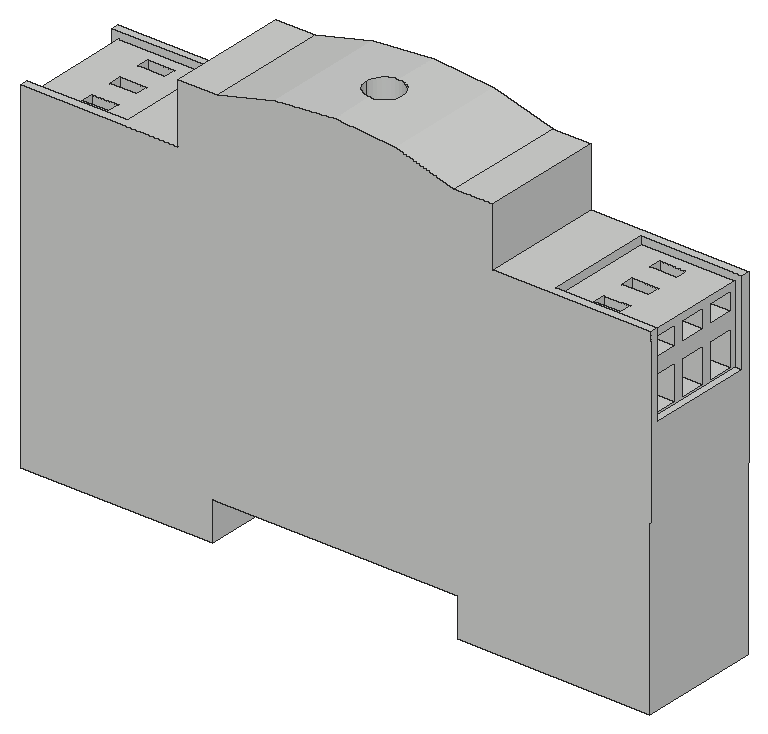
Revit family "MSR-Schutz für 2-polige Stromversorgung12V-24V-48V-60V-110V-230V", category Generic Models, Revit 2015
Parameters (values of type "VF12-AC DC")
  Width = 90 mm
  URL = "http://www.obo-bettermann.com"
  Material 2 = OBO PE
  Material = OBO PA 6 GF20
  Manufacturer Art.No. = "5097453"
  Manufacturer = "OBO Bettermann"
  Length = 17.5 mm
  Height = 60.5 mm
  GTIN = "4012195578116"
  Cut depth = 12 mm
  Article Type = "VF12-AC DC"
Types (7, lengths in mm): name | Manufacturer Art.No. | GTIN | Article Type
  (no name) | "5097453" | "4012195578116" | "VF12-AC DC"
  VF12-AC DC | "5097453" | "4012195578116" | "VF12-AC DC"
  VF24-AC/DC | "5097607" | "4012195578123" | "VF24-AC/DC"
  VF48-AC/DC | "5097615" | "4012195578130" | "VF48-AC/DC"
  VF60-AC/DC | "5097623" | "4012195578147" | "VF60-AC/DC"
  VF110-AC DC | "5097631" | "4012195578154" | "VF110-AC DC"
  VF230-AC/DC | "5097650" | "4012195578161" | "VF230-AC/DC"
Reference planes
  plane 1 "Center (Front/Back)": y = 0
  plane 2: z = 0
  plane 3 "Center (Left/Right)": x = 0
  plane 4: z = 60.5
  plane 5: y = 8.75
  plane 6: y = -8.75
  plane 7: z = 37
  plane 8: z = 48
  plane 9: z = 46
  plane 10: x = 39
  plane 11: x = -39
  plane 12: z = 61.5
  plane 13: z = 51.5
  plane 14: z = 61.5
  plane 15: z = 51.5
Forms (mm)
  Extrusion 1, solid, material "OBO PA 6 GF20" <- "Material"
    sketch origin (0, 0, 0) x (1, 0, 0) y (0, 0, 1)
      loop
        line (0, 5.5) -> (17.5, 5.5) -> (17.5, 0) -> (45, 0) -> (45, 49) -> (22.5, 49) -> (22.5, 57.5) -> (17, 57.5)
        arc (17, 57.5) -> (0, 60.5) -> (-17, 57.5) r 49.667
        line (-17, 57.5) -> (-22.5, 57.5) -> (-22.5, 49) -> (-45, 49) -> (-45, 0) -> (-17.5, 0) -> (-17.5, 5.5) -> (0, 5.5)
    from -8.75 to 8.75
  Extrusion 2, void
    sketch origin (0, 0, 0) x (1, 0, 0) y (0, 1, 0)
      loop
        line (30.6, 7.6) -> (30.6, -7.6) -> (45, -7.6) -> (45, 7.6) -> (30.6, 7.6)
      loop
        line (-45, 7.6) -> (-45, -7.6) -> (-30.6, -7.6) -> (-30.6, 7.6) -> (-45, 7.6)
    from 37 to 49
  Extrusion 3, solid, material "OBO PE" <- "Material 2"
    sketch origin (0, 0, 0) x (1, 0, 0) y (0, 1, 0)
      loop
        line (30.6, 7.6) -> (30.6, -7.6) -> (44, -7.6) -> (44, 7.6) -> (30.6, 7.6)
      loop
        line (-30.6, 7.6) -> (-44, 7.6) -> (-44, -7.6) -> (-30.6, -7.6) -> (-30.6, 7.6)
    from 37 to 48
  Extrusion 4, void
    sketch origin (0, 0, 0) x (1, 0, 0) y (0, 1, 0)
      loop
        line (34.7, 0.9) -> (34.7, -0.9) -> (38.5, -0.9) -> (38.5, 0.9) -> (34.7, 0.9)
      loop
        line (34.7, 5.9) -> (34.7, 4.1) -> (38.5, 4.1) -> (38.5, 5.9) -> (34.7, 5.9)
      loop
        line (34.7, -4.1) -> (34.7, -5.9) -> (38.5, -5.9) -> (38.5, -4.1) -> (34.7, -4.1)
      loop
        line (-34.7, 5.9) -> (-38.5, 5.9) -> (-38.5, 4.1) -> (-34.7, 4.1) -> (-34.7, 5.9)
      loop
        line (-34.7, 0.9) -> (-38.5, 0.9) -> (-38.5, -0.9) -> (-34.7, -0.9) -> (-34.7, 0.9)
      loop
        line (-34.7, -4.1) -> (-38.5, -4.1) -> (-38.5, -5.9) -> (-34.7, -5.9) -> (-34.7, -4.1)
    from 46 to 48
  Extrusion 5, void
    sketch origin (0, 0, 0) x (0, 1, 0) y (0, 0, 1)
      loop
        line (1.9, 47) -> (-1.9, 47) -> (-1.9, 44.4) -> (1.9, 44.4) -> (1.9, 47)
      loop
        line (6.9, 47) -> (3.1, 47) -> (3.1, 44.4) -> (6.9, 44.4) -> (6.9, 47)
      loop
        line (-3.1, 47) -> (-6.9, 47) -> (-6.9, 44.4) -> (-3.1, 44.4) -> (-3.1, 47)
      loop
        line (6.9, 42.2) -> (3.1, 42.2) -> (3.1, 37.2) -> (6.9, 37.2) -> (6.9, 42.2)
      loop
        line (1.9, 42.2) -> (-1.9, 42.2) -> (-1.9, 37.2) -> (1.9, 37.2) -> (1.9, 42.2)
      loop
        line (-3.1, 42.2) -> (-6.9, 42.2) -> (-6.9, 37.2) -> (-3.1, 37.2) -> (-3.1, 42.2)
    from 39 to 44
  Extrusion 6, void
    sketch origin (0, 0, 0) x (0, 1, 0) y (0, 0, 1)
      loop
        line (3.1, 44.4) -> (6.9, 44.4) -> (6.9, 47) -> (3.1, 47) -> (3.1, 44.4)
      loop
        line (1.9, 44.4) -> (1.9, 47) -> (-1.9, 47) -> (-1.9, 44.4) -> (1.9, 44.4)
      loop
        line (-3.1, 47) -> (-6.9, 47) -> (-6.9, 44.4) -> (-3.1, 44.4) -> (-3.1, 47)
      loop
        line (6.9, 42.2) -> (3.1, 42.2) -> (3.1, 37.2) -> (6.9, 37.2) -> (6.9, 42.2)
      loop
        line (1.9, 37.2) -> (1.9, 42.2) -> (-1.9, 42.2) -> (-1.9, 37.2) -> (1.9, 37.2)
      loop
        line (-3.1, 42.2) -> (-6.9, 42.2) -> (-6.9, 37.2) -> (-3.1, 37.2) -> (-3.1, 42.2)
    from -44 to -39
  Extrusion 7, void
    sketch origin (0, 0, 0) x (1, 0, 0) y (0, 1, 0)
      loop
        circle (0, 0) r 2.6
    from 51.5 to 61.5
Cuts and joins
  Extrusion 2, Extrusion 4, Extrusion 5, Extrusion 6, Extrusion 7 cuts Extrusion 1
  Extrusion 4, Extrusion 5, Extrusion 6 cuts Extrusion 3
Dimensions and locks
  locked: Extrusion 1 sketch curve to plane 3 "Center (Left/Right)" at 45
  locked: Extrusion 1 sketch curve to level at 49  (x2)
  locked: Extrusion 1 sketch curve to level at 5.5
  locked: Extrusion 1 sketch curve to plane 3 "Center (Left/Right)" at 17.5
  locked: Extrusion 1 sketch curve to plane 3 "Center (Left/Right)" at 22.5
  locked: Extrusion 1 sketch curve to level at 57.5  (x2)
  locked: Extrusion 1 sketch curve to Extrusion 1 sketch curve at 5.5  (x2)
  "Width": Extrusion 1 sketch curve to Extrusion 1 sketch curve
  locked: plane 3 "Center (Left/Right)" to Extrusion 1 sketch curve at 17.5
  locked: plane 3 "Center (Left/Right)" to Extrusion 1 sketch curve at 22.5
  "Height": plane 4 to level
  "Length": plane 5 to plane 6
  locked: plane 5 to plane 1 "Center (Front/Back)" at 8.75
  locked: Extrusion 2 sketch curve to Extrusion 2 sketch curve at 15.2
  equal spacing: Extrusion 2 sketch curve, plane 1 "Center (Front/Back)", Extrusion 2 sketch curve, locked at 7.6 each
  locked: Extrusion 2 sketch curve to Extrusion 1 at 14.4
  locked: Extrusion 1 to Extrusion 2 sketch curve at 14.4
  "Cut depth": cut or joined group of Extrusion 1, Extrusion 2, Extrusion 4, Extrusion 5, Extrusion 6, Extrusion 7 to plane 7
  locked: Extrusion 3 sketch curve to cut or joined group of Extrusion 1, Extrusion 2, Extrusion 4, Extrusion 5, Extrusion 6, Extrusion 7 at 1
  locked: cut or joined group of Extrusion 1, Extrusion 2, Extrusion 4, Extrusion 5, Extrusion 6, Extrusion 7 to Extrusion 3 sketch curve at 1
  locked: cut or joined group of Extrusion 1, Extrusion 2, Extrusion 4, Extrusion 5, Extrusion 6, Extrusion 7 to plane 8 at 1
  locked: Extrusion 4 sketch curve to Extrusion 4 sketch curve at 1.8  (x3)
  equal spacing: Extrusion 4 sketch curve, plane 1 "Center (Front/Back)", Extrusion 4 sketch curve, locked at 0.9 each
  locked: Extrusion 4 sketch curve to Extrusion 4 sketch curve at 3.2  (x2)
  locked: Extrusion 4 sketch curve to Extrusion 4 sketch curve at 3.8  (x2)
  locked: Extrusion 4 sketch curve to cut or joined group of Extrusion 1, Extrusion 2, Extrusion 4, Extrusion 5, Extrusion 6, Extrusion 7 at 10.3
  locked: cut or joined group of Extrusion 1, Extrusion 2, Extrusion 4, Extrusion 5, Extrusion 6, Extrusion 7 to Extrusion 4 sketch curve at 10.3
  locked: plane 8 to plane 9 at 2
  locked: Extrusion 5 sketch curve to Extrusion 5 sketch curve at 3.8  (x3)
  equal spacing: Extrusion 5 sketch curve, plane 1 "Center (Front/Back)", Extrusion 5 sketch curve, locked at 1.9 each
  locked: Extrusion 5 sketch curve to Extrusion 5 sketch curve at 1.2  (x2)
  locked: cut or joined group of Extrusion 3, Extrusion 4, Extrusion 5, Extrusion 6 to Extrusion 5 sketch curve at 1
  locked: Extrusion 5 sketch curve to Extrusion 5 sketch curve at 2.6
  locked: Extrusion 5 sketch curve to Extrusion 5 sketch curve at 2.2
  locked: Extrusion 5 sketch curve to Extrusion 5 sketch curve at 5
  locked: cut or joined group of Extrusion 3, Extrusion 4, Extrusion 5, Extrusion 6 to plane 10 at 5
  locked: cut or joined group of Extrusion 3, Extrusion 4, Extrusion 5, Extrusion 6 to plane 11 at 5
  locked: plane 12 to cut or joined group of Extrusion 1, Extrusion 2, Extrusion 4, Extrusion 5, Extrusion 6, Extrusion 7 at 4
  locked: plane 12 to plane 13 at 10
  locked: plane 14 to cut or joined group of Extrusion 1, Extrusion 2, Extrusion 4, Extrusion 5, Extrusion 6, Extrusion 7 at 4
  locked: plane 14 to plane 15 at 10
  radius of Extrusion 1 sketch curve = 49.667 mm
  radius of Extrusion 7 sketch curve = 2.6 mm
  aligned and locked: level to plane 2
  aligned and locked: Extrusion 1 to plane 5
  aligned and locked: plane 6 to Extrusion 1
  aligned and locked: Extrusion 2 sketch curve to Extrusion 1  (x2)
  aligned and locked: Extrusion 2 sketch curve to Extrusion 2 sketch curve  (x2)
  aligned and locked: Extrusion 2 to plane 7
  aligned and locked: Extrusion 2 to Extrusion 1
  aligned and locked: Extrusion 3 sketch curve to cut or joined group of Extrusion 1, Extrusion 2, Extrusion 4, Extrusion 5, Extrusion 6, Extrusion 7  (x5)
  aligned and locked: cut or joined group of Extrusion 1, Extrusion 2, Extrusion 4, Extrusion 5, Extrusion 6, Extrusion 7 to Extrusion 3 sketch curve
  aligned and locked: cut or joined group of Extrusion 1, Extrusion 2, Extrusion 4, Extrusion 5, Extrusion 6, Extrusion 7 to Extrusion 3
  aligned and locked: plane 8 to Extrusion 3
  aligned and locked: Extrusion 4 sketch curve to Extrusion 4 sketch curve  (x14)
  aligned and locked: Extrusion 4 to plane 9
  aligned and locked: plane 8 to Extrusion 4
  aligned and locked: Extrusion 5 sketch curve to Extrusion 5 sketch curve  (x14)
  aligned and locked: Extrusion 5 to plane 10
  aligned and locked: cut or joined group of Extrusion 3, Extrusion 4, Extrusion 5, Extrusion 6 to Extrusion 5
  aligned and locked: Extrusion 6 sketch curve to cut or joined group of Extrusion 3, Extrusion 4, Extrusion 5, Extrusion 6  (x24)
  aligned and locked: cut or joined group of Extrusion 3, Extrusion 4, Extrusion 5, Extrusion 6 to Extrusion 6
  aligned and locked: plane 11 to Extrusion 6
  aligned and locked: Extrusion 7 to plane 15
  aligned and locked: plane 14 to Extrusion 7
Automatic sketch dimensions
  Extrusion 1 sketch curve to plane 3 "Center (Left/Right)" = 0 mm
  Extrusion 1 sketch curve to level = 0 mm  (x2)
  Extrusion 6 sketch curve to plane 1 "Center (Front/Back)" = 3.1 mm
  plane 1 "Center (Front/Back)" to Extrusion 7 sketch curve = 0 mm
  Extrusion 7 sketch curve to plane 3 "Center (Left/Right)" = 0 mm
